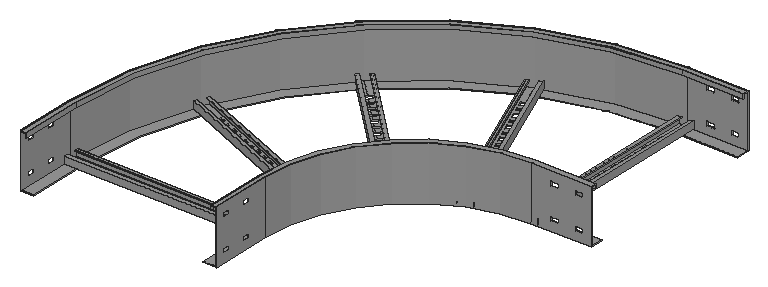
Revit family "LB 90 1140 VS FT Bogen 90", category Generic Models, Revit 2017
Family settings
  Can host rebar = No
  Round Connector Dimension = Use Diameter
  Part Type = Normal
  Work Plane-Based = No
  Always vertical = Yes
  Cut with Voids When Loaded = No
  Shared = No
  Room Calculation Point = No
Parameters (values of type "LB 90 1140 R5 FT")
  URL = "http://www.obo-bettermann.com"
  Material = Hot-dip galvanised
  Manufacturer Art.No. = "6217776"
  Manufacturer = "OBO BETTERMANN"
  GTIN = "4012196685233"
  Cut's number = 2
  Article Type = "LB 90 1140 R5 FT"
Reference planes
  plane 1 "Center (Front/Back)": y = 0
  plane 2: z = 0
  plane 3 "Center (Left/Right)": x = 0
  plane 4: y = 825
  plane 5: x = 825
  plane 6: x = 700
  plane 7: y = 125
  plane 8: z = 110
  plane 9: z = 1.5
  plane 10: z = 108.5
  plane 11: z = 101
  plane 12: y = 125
  plane 13: z = 16.5
  plane 14: y = 140
  plane 15: y = 110
  plane 16: x = 59
  plane 17: y = 132.772
  plane 18: y = 117.642
  plane 19: y = 125.043
  plane 20: x = 79
  plane 21: x = 99
  plane 22: x = 119
  plane 23: x = 139
  plane 24: x = 159
  plane 25: x = 179
  plane 26: x = 199.004
  plane 27: x = 219.008
  plane 28: x = 239.029
  plane 29: x = 259.05
  plane 30: x = 279.083
  plane 31: x = 299.115
  plane 32: x = 341
  plane 33: x = 319.148
  plane 34: y = 125
  plane 35: x = 700
  plane 36: x = 700
  plane 37: through (700, 125, 1200) normal (-0.3827, -0.9239, 0)
  plane 38: through (700, 125, 1200) normal (-0.7071, -0.7071, 0)
  plane 39: through (700, 125, 1200) normal (-0.9239, -0.3827, 0)
  plane 40: x = 700
  plane 41: z = 16.5
  plane 42: x = 685
  plane 43: x = 715
  plane 44: y = 766
  plane 45: x = 692.228
  plane 46: x = 707.358
  plane 47: x = 699.957
  plane 48: y = 746
  plane 49: y = 726
  plane 50: y = 706
  plane 51: y = 686
  plane 52: y = 666
  plane 53: y = 646
  plane 54: y = 625.996
  plane 55: y = 605.992
  plane 56: y = 585.971
  plane 57: y = 565.95
  plane 58: y = 545.917
  plane 59: y = 525.885
  plane 60: y = 484
  plane 61: y = 505.852
  plane 62: through (700, 125, 1200) normal (-0.1951, -0.9808, 0)
  plane 63: through (3995.663, -1240.108, 135.484) normal (0.3827, 0.9239, 0)
  plane 64: z = 16.5
  plane 65: through (3989.923, -1253.967, 59.182) normal (0.3827, 0.9239, 0)
  plane 66: through (4001.403, -1226.25, 59.182) normal (0.3827, 0.9239, 0)
  plane 67: through (90.856, 329.409, 1200) normal (-0.9239, 0.3827, 0)
  plane 68: through (97.115, 366.311, 1200) normal (0.3827, 0.9239, 0)
  plane 69: through (102.905, 380.29, 1200) normal (0.3827, 0.9239, 0)
  plane 70: through (88.601, 378.204, 1200) normal (0.3827, 0.9239, 0)
  plane 71: through (114.873, 335.13, 1200) normal (-0.9239, 0.3827, 0)
  plane 72: through (140.288, 344.225, 1200) normal (-0.9239, 0.3827, 0)
  plane 73: through (155.353, 328.331, 1200) normal (-0.9239, 0.3827, 0)
  plane 74: through (173.83, 320.677, 1200) normal (-0.9239, 0.3827, 0)
  plane 75: through (195.721, 321.264, 1200) normal (-0.9239, 0.3827, 0)
  plane 76: through (210.785, 305.37, 1200) normal (-0.9239, 0.3827, 0)
  plane 77: through (229.784, 298.963, 1200) normal (-0.9239, 0.3827, 0)
  plane 78: through (251.162, 298.3, 1200) normal (-0.9239, 0.3827, 0)
  plane 79: through (269.658, 290.638, 1200) normal (-0.9239, 0.3827, 0)
  plane 80: through (288.155, 282.976, 1200) normal (-0.9239, 0.3827, 0)
  plane 81: through (306.663, 275.31, 1200) normal (-0.9239, 0.3827, 0)
  plane 82: through (322.274, 260.652, 1200) normal (-0.9239, 0.3827, 0)
  plane 83: through (357.442, 233.49, 1200) normal (-0.9239, 0.3827, 0)
  plane 84: through (343.679, 259.978, 1200) normal (-0.9239, 0.3827, 0)
  plane 85: through (700, 125, 1200) normal (-0.5556, -0.8315, 0)
  plane 86: through (700, 125, 1200) normal (-0.9808, -0.1951, 0)
  plane 87: through (2065.108, -3170.663, 135.484) normal (0.9239, 0.3827, 0)
  plane 88: z = 16.5
  plane 89: through (2078.967, -3164.923, 59.182) normal (0.9239, 0.3827, 0)
  plane 90: through (2051.25, -3176.403, 59.182) normal (0.9239, 0.3827, 0)
  plane 91: through (495.591, 734.144, 1200) normal (0.3827, -0.9239, 0)
  plane 92: through (458.689, 727.885, 1200) normal (0.9239, 0.3827, 0)
  plane 93: through (444.71, 722.095, 1200) normal (0.9239, 0.3827, 0)
  plane 94: through (446.796, 736.399, 1200) normal (0.9239, 0.3827, 0)
  plane 95: through (489.87, 710.127, 1200) normal (0.3827, -0.9239, 0)
  plane 96: through (480.775, 684.712, 1200) normal (0.3827, -0.9239, 0)
  plane 97: through (496.669, 669.647, 1200) normal (0.3827, -0.9239, 0)
  plane 98: through (504.323, 651.17, 1200) normal (0.3827, -0.9239, 0)
  plane 99: through (503.736, 629.279, 1200) normal (0.3827, -0.9239, 0)
  plane 100: through (519.63, 614.215, 1200) normal (0.3827, -0.9239, 0)
  plane 101: through (526.037, 595.216, 1200) normal (0.3827, -0.9239, 0)
  plane 102: through (526.7, 573.838, 1200) normal (0.3827, -0.9239, 0)
  plane 103: through (534.362, 555.342, 1200) normal (0.3827, -0.9239, 0)
  plane 104: through (542.024, 536.845, 1200) normal (0.3827, -0.9239, 0)
  plane 105: through (549.69, 518.337, 1200) normal (0.3827, -0.9239, 0)
  plane 106: through (564.348, 502.726, 1200) normal (0.3827, -0.9239, 0)
  plane 107: through (591.354, 467.936, 1200) normal (0.3827, -0.9239, 0)
  plane 108: through (565.022, 481.321, 1200) normal (0.3827, -0.9239, 0)
  plane 109: through (3222.391, -2397.391, 135.484) normal (0.7071, 0.7071, 0)
  plane 110: z = 16.5
  plane 111: through (3232.998, -2386.785, 59.182) normal (0.7071, 0.7071, 0)
  plane 112: through (3211.785, -2407.998, 59.182) normal (0.7071, 0.7071, 0)
  plane 113: through (278.041, 609.552, 1200) normal (0.7071, -0.7071, 0)
  plane 114: through (246.344, 589.647, 1200) normal (0.7071, 0.7071, 0)
  plane 115: through (235.645, 578.949, 1200) normal (0.7071, 0.7071, 0)
  plane 116: through (232.098, 592.962, 1200) normal (0.7071, 0.7071, 0)
  plane 117: through (281.947, 585.174, 1200) normal (0.7071, -0.7071, 0)
  plane 118: through (283.27, 558.213, 1200) normal (0.7071, -0.7071, 0)
  plane 119: through (303.719, 550.377, 1200) normal (0.7071, -0.7071, 0)
  plane 120: through (317.861, 536.235, 1200) normal (0.7071, -0.7071, 0)
  plane 121: through (325.697, 515.786, 1200) normal (0.7071, -0.7071, 0)
  plane 122: through (346.146, 507.951, 1200) normal (0.7071, -0.7071, 0)
  plane 123: through (359.336, 492.851, 1200) normal (0.7071, -0.7071, 0)
  plane 124: through (368.129, 473.354, 1200) normal (0.7071, -0.7071, 0)
  plane 125: through (382.286, 459.197, 1200) normal (0.7071, -0.7071, 0)
  plane 126: through (396.443, 445.04, 1200) normal (0.7071, -0.7071, 0)
  plane 127: through (410.608, 430.875, 1200) normal (0.7071, -0.7071, 0)
  plane 128: through (430.125, 422.061, 1200) normal (0.7071, -0.7071, 0)
  plane 129: through (468.677, 399.966, 1200) normal (0.7071, -0.7071, 0)
  plane 130: through (438.938, 402.544, 1200) normal (0.7071, -0.7071, 0)
  plane 131: x = 400
  plane 132: y = 425
  plane 133: z = 82.295
  plane 134: z = 22.5
  plane 135: y = 25
  plane 136: z = 147.295
  plane 137: z = 87.5
  plane 138: y = 25
  plane 139: z = 82.295
  plane 140: z = 22.5
  plane 141: y = 75
  plane 142: z = 147.295
  plane 143: z = 87.5
  plane 144: y = 75
  plane 145: y = 25
  plane 146: z = 22.5
  plane 147: y = 25
  plane 148: z = 87.5
  plane 149: y = 75
  plane 150: z = 22.5
  plane 151: y = 75
  plane 152: z = 87.5
  plane 153: z = 22.5
  plane 154: x = 800
  plane 155: z = 87.5
  plane 156: x = 800
  plane 157: z = 22.5
  plane 158: x = 800
  plane 159: z = 22.5
  plane 160: x = 750
  plane 161: z = 87.5
  plane 162: x = 750
  plane 163: x = 800
  plane 164: z = 22.5
  plane 165: x = 800
  plane 166: z = 87.5
  plane 167: x = 750
  plane 168: z = 22.5
  plane 169: x = 750
  plane 170: z = 87.5
Forms (mm)
  Extrusion 1, solid, material "Hot-dip galvanised" <- "Material"
    sketch origin (0, 0, 0) x (1, 0, 0) y (0, 1, 0)
      loop
        line (0, 0) -> (1.5, 0) -> (1.5, 125)
        arc (1.5, 125) -> (206.086, 618.914) -> (700, 823.5) r 698.5
        line (700, 823.5) -> (825, 823.5) -> (825, 825) -> (700, 825)
        arc (700, 825) -> (205.025, 619.975) -> (0, 125) r 700
        line (0, 125) -> (0, 0)
    from 0 to 110
  Extrusion 2, solid, material "Hot-dip galvanised" <- "Material"
    sketch origin (0, 0, 0) x (1, 0, 0) y (0, 1, 0)
      loop
        line (825, 823.5) -> (700, 823.5)
        arc (700, 823.5) -> (206.086, 618.914) -> (1.5, 125) r 698.5
        line (1.5, 125) -> (1.5, 0) -> (27, 0) -> (27, 125)
        arc (27, 125) -> (224.117, 600.883) -> (700, 798) r 673
        line (700, 798) -> (825, 798) -> (825, 823.5)
    from 0 to 1.5
  Extrusion 3, solid, material "Hot-dip galvanised" <- "Material"
    sketch origin (0, 0, 0) x (1, 0, 0) y (0, 1, 0)
      loop
        line (1.5, 0) -> (12, 0) -> (12, 125)
        arc (12, 125) -> (213.511, 611.489) -> (700, 813) r 688
        line (700, 813) -> (825, 813) -> (825, 823.5) -> (700, 823.5)
        arc (700, 823.5) -> (206.086, 618.914) -> (1.5, 125) r 698.5
        line (1.5, 125) -> (1.5, 0)
    from 108.5 to 110
  Extrusion 4, solid, material "Hot-dip galvanised" <- "Material"
    sketch origin (0, 0, 0) x (1, 0, 0) y (0, 1, 0)
      loop
        line (12, 0) -> (13.5, 0) -> (13.5, 125)
        arc (13.5, 125) -> (214.571, 610.429) -> (700, 811.5) r 686.5
        line (700, 811.5) -> (825, 811.5) -> (825, 813) -> (700, 813)
        arc (700, 813) -> (213.511, 611.489) -> (12, 125) r 688
        line (12, 125) -> (12, 0)
    from 101 to 110
  Extrusion 5, solid, material "Hot-dip galvanised" <- "Material"
    sketch origin (0, 0, 0) x (0, 1, 0) y (0, 0, 1)
      loop
        line (125, 1.5) -> (140, 1.5) -> (140, 16.5) -> (133.518, 16.5) -> (133.518, 15) -> (138.5, 15) -> (138.5, 3) -> (125, 3) -> (111.5, 3) -> (111.5, 15) -> (116.543, 15) -> (116.543, 16.5) -> (110, 16.5) -> (110, 1.5) -> (125, 1.5)
    from 1.5 to 398.5
  Extrusion 6, void
    sketch origin (0, 0, 0) x (1, 0, 0) y (0, 1, 0)
      loop
        line (53.5, 133.293) -> (53.5, 116.793) -> (64.5, 116.793) -> (64.5, 133.293) -> (53.5, 133.293)
      loop
        line (75.5, 133.293) -> (75.5, 116.793) -> (82.5, 116.793) -> (82.5, 133.293) -> (75.5, 133.293)
      loop
        line (104.5, 133.293) -> (93.5, 133.293) -> (93.5, 116.793) -> (104.5, 116.793) -> (104.5, 133.293)
      loop
        line (122.5, 133.293) -> (115.5, 133.293) -> (115.5, 116.793) -> (122.5, 116.793) -> (122.5, 133.293)
      loop
        line (133.5, 133.293) -> (133.5, 116.793) -> (144.5, 116.793) -> (144.5, 133.293) -> (133.5, 133.293)
      loop
        line (155.5, 133.293) -> (155.5, 116.793) -> (162.5, 116.793) -> (162.5, 133.293) -> (155.5, 133.293)
      loop
        line (184.5, 133.293) -> (173.5, 133.293) -> (173.5, 116.793) -> (184.5, 116.793) -> (184.5, 133.293)
      loop
        line (202.5, 133.293) -> (195.5, 133.293) -> (195.5, 116.793) -> (202.5, 116.793) -> (202.5, 133.293)
      loop
        line (213.508, 133.293) -> (213.508, 116.793) -> (224.508, 116.793) -> (224.508, 133.293) -> (213.508, 133.293)
      loop
        line (235.517, 133.293) -> (235.517, 116.793) -> (242.517, 116.793) -> (242.517, 133.293) -> (235.517, 133.293)
      loop
        line (264.55, 133.293) -> (253.55, 133.293) -> (253.55, 116.793) -> (264.55, 116.793) -> (264.55, 133.293)
      loop
        line (282.583, 133.293) -> (275.583, 133.293) -> (275.583, 116.793) -> (282.583, 116.793) -> (282.583, 133.293)
      loop
        line (293.615, 133.293) -> (293.615, 116.793) -> (304.615, 116.793) -> (304.615, 133.293) -> (293.615, 133.293)
      loop
        line (315.648, 133.293) -> (315.648, 116.793) -> (322.648, 116.793) -> (322.648, 133.293) -> (315.648, 133.293)
      loop
        line (344.681, 133.293) -> (333.681, 133.293) -> (333.681, 116.793) -> (344.681, 116.793) -> (344.681, 133.293)
    from 0 to 3
  Extrusion 7, solid, material "Hot-dip galvanised" <- "Material"
    sketch origin (825, 825, 0) x (-1, 0, 0) y (0, 0, -1)
      loop
        line (125, -1.5) -> (110, -1.5) -> (110, -16.5) -> (116.543, -16.5) -> (116.543, -15) -> (111.5, -15) -> (111.5, -3) -> (125, -3) -> (138.5, -3) -> (138.5, -15) -> (133.518, -15) -> (133.518, -16.5) -> (140, -16.5) -> (140, -1.5) -> (125, -1.5)
    from 1.5 to 398.5
  Extrusion 8, void
    sketch origin (825, 825, 0) x (0, -1, 0) y (1, 0, 0)
      loop
        line (53.5, -133.293) -> (64.5, -133.293) -> (64.5, -116.793) -> (53.5, -116.793) -> (53.5, -133.293)
      loop
        line (75.5, -133.293) -> (82.5, -133.293) -> (82.5, -116.793) -> (75.5, -116.793) -> (75.5, -133.293)
      loop
        line (104.5, -133.293) -> (104.5, -116.793) -> (93.5, -116.793) -> (93.5, -133.293) -> (104.5, -133.293)
      loop
        line (122.5, -133.293) -> (122.5, -116.793) -> (115.5, -116.793) -> (115.5, -133.293) -> (122.5, -133.293)
      loop
        line (133.5, -133.293) -> (144.5, -133.293) -> (144.5, -116.793) -> (133.5, -116.793) -> (133.5, -133.293)
      loop
        line (155.5, -133.293) -> (162.5, -133.293) -> (162.5, -116.793) -> (155.5, -116.793) -> (155.5, -133.293)
      loop
        line (184.5, -133.293) -> (184.5, -116.793) -> (173.5, -116.793) -> (173.5, -133.293) -> (184.5, -133.293)
      loop
        line (202.5, -133.293) -> (202.5, -116.793) -> (195.5, -116.793) -> (195.5, -133.293) -> (202.5, -133.293)
      loop
        line (213.508, -133.293) -> (224.508, -133.293) -> (224.508, -116.793) -> (213.508, -116.793) -> (213.508, -133.293)
      loop
        line (235.517, -133.293) -> (242.517, -133.293) -> (242.517, -116.793) -> (235.517, -116.793) -> (235.517, -133.293)
      loop
        line (264.55, -133.293) -> (264.55, -116.793) -> (253.55, -116.793) -> (253.55, -133.293) -> (264.55, -133.293)
      loop
        line (282.583, -133.293) -> (282.583, -116.793) -> (275.583, -116.793) -> (275.583, -133.293) -> (282.583, -133.293)
      loop
        line (293.615, -133.293) -> (304.615, -133.293) -> (304.615, -116.793) -> (293.615, -116.793) -> (293.615, -133.293)
      loop
        line (315.648, -133.293) -> (322.648, -133.293) -> (322.648, -116.793) -> (315.648, -116.793) -> (315.648, -133.293)
      loop
        line (344.681, -133.293) -> (344.681, -116.793) -> (333.681, -116.793) -> (333.681, -133.293) -> (344.681, -133.293)
    from 0 to 3
  Extrusion 9, solid, material "Hot-dip galvanised" <- "Material"
    sketch origin (101.12, 508.363, 0) x (-0.382683, -0.92388, 0) y (0, 0, -1)
      loop
        line (125, -1.5) -> (110, -1.5) -> (110, -16.5) -> (116.543, -16.5) -> (116.543, -15) -> (111.5, -15) -> (111.5, -3) -> (125, -3) -> (138.5, -3) -> (138.5, -15) -> (133.518, -15) -> (133.518, -16.5) -> (140, -16.5) -> (140, -1.5) -> (125, -1.5)
    from 1.5 to 399.5
  Extrusion 10, void
    sketch origin (101.12, 508.363, 0) x (0.92388, -0.382683, 0) y (0.382683, 0.92388, 0)
      loop
        line (53.5, -133.293) -> (64.5, -133.293) -> (64.5, -116.793) -> (53.5, -116.793) -> (53.5, -133.293)
      loop
        line (75.5, -133.293) -> (82.5, -133.293) -> (82.5, -116.793) -> (75.5, -116.793) -> (75.5, -133.293)
      loop
        line (104.5, -133.293) -> (104.5, -116.793) -> (93.5, -116.793) -> (93.5, -133.293) -> (104.5, -133.293)
      loop
        line (122.5, -133.293) -> (122.5, -116.793) -> (115.5, -116.793) -> (115.5, -133.293) -> (122.5, -133.293)
      loop
        line (133.5, -133.293) -> (144.5, -133.293) -> (144.5, -116.793) -> (133.5, -116.793) -> (133.5, -133.293)
      loop
        line (155.5, -133.293) -> (162.5, -133.293) -> (162.5, -116.793) -> (155.5, -116.793) -> (155.5, -133.293)
      loop
        line (184.5, -133.293) -> (184.5, -116.793) -> (173.5, -116.793) -> (173.5, -133.293) -> (184.5, -133.293)
      loop
        line (202.5, -133.293) -> (202.5, -116.793) -> (195.5, -116.793) -> (195.5, -133.293) -> (202.5, -133.293)
      loop
        line (213.508, -133.293) -> (224.508, -133.293) -> (224.508, -116.793) -> (213.508, -116.793) -> (213.508, -133.293)
      loop
        line (235.517, -133.293) -> (242.517, -133.293) -> (242.517, -116.793) -> (235.517, -116.793) -> (235.517, -133.293)
      loop
        line (264.55, -133.293) -> (264.55, -116.793) -> (253.55, -116.793) -> (253.55, -133.293) -> (264.55, -133.293)
      loop
        line (282.583, -133.293) -> (282.583, -116.793) -> (275.583, -116.793) -> (275.583, -133.293) -> (282.583, -133.293)
      loop
        line (293.615, -133.293) -> (304.615, -133.293) -> (304.615, -116.793) -> (293.615, -116.793) -> (293.615, -133.293)
      loop
        line (315.648, -133.293) -> (322.648, -133.293) -> (322.648, -116.793) -> (315.648, -116.793) -> (315.648, -133.293)
      loop
        line (345.681, -133.293) -> (345.681, -116.793) -> (334.681, -116.793) -> (334.681, -133.293) -> (345.681, -133.293)
    from 0 to 3
  Extrusion 11, solid, material "Hot-dip galvanised" <- "Material"
    sketch origin (316.637, 723.88, 0) x (0.92388, 0.382683, 0) y (0, 0, 1)
      loop
        line (125, 1.5) -> (140, 1.5) -> (140, 16.5) -> (133.518, 16.5) -> (133.518, 15) -> (138.5, 15) -> (138.5, 3) -> (125, 3) -> (111.5, 3) -> (111.5, 15) -> (116.543, 15) -> (116.543, 16.5) -> (110, 16.5) -> (110, 1.5) -> (125, 1.5)
    from 1.5 to 399.091
  Extrusion 12, void
    sketch origin (316.637, 723.88, 0) x (0.382683, -0.92388, 0) y (0.92388, 0.382683, 0)
      loop
        line (53.5, 133.293) -> (53.5, 116.793) -> (64.5, 116.793) -> (64.5, 133.293) -> (53.5, 133.293)
      loop
        line (75.5, 133.293) -> (75.5, 116.793) -> (82.5, 116.793) -> (82.5, 133.293) -> (75.5, 133.293)
      loop
        line (104.5, 133.293) -> (93.5, 133.293) -> (93.5, 116.793) -> (104.5, 116.793) -> (104.5, 133.293)
      loop
        line (122.5, 133.293) -> (115.5, 133.293) -> (115.5, 116.793) -> (122.5, 116.793) -> (122.5, 133.293)
      loop
        line (133.5, 133.293) -> (133.5, 116.793) -> (144.5, 116.793) -> (144.5, 133.293) -> (133.5, 133.293)
      loop
        line (155.5, 133.293) -> (155.5, 116.793) -> (162.5, 116.793) -> (162.5, 133.293) -> (155.5, 133.293)
      loop
        line (184.5, 133.293) -> (173.5, 133.293) -> (173.5, 116.793) -> (184.5, 116.793) -> (184.5, 133.293)
      loop
        line (202.5, 133.293) -> (195.5, 133.293) -> (195.5, 116.793) -> (202.5, 116.793) -> (202.5, 133.293)
      loop
        line (213.508, 133.293) -> (213.508, 116.793) -> (224.508, 116.793) -> (224.508, 133.293) -> (213.508, 133.293)
      loop
        line (235.517, 133.293) -> (235.517, 116.793) -> (242.517, 116.793) -> (242.517, 133.293) -> (235.517, 133.293)
      loop
        line (264.55, 133.293) -> (253.55, 133.293) -> (253.55, 116.793) -> (264.55, 116.793) -> (264.55, 133.293)
      loop
        line (282.583, 133.293) -> (275.583, 133.293) -> (275.583, 116.793) -> (282.583, 116.793) -> (282.583, 133.293)
      loop
        line (293.615, 133.293) -> (293.615, 116.793) -> (304.615, 116.793) -> (304.615, 133.293) -> (293.615, 133.293)
      loop
        line (315.648, 133.293) -> (315.648, 116.793) -> (322.648, 116.793) -> (322.648, 133.293) -> (315.648, 133.293)
      loop
        line (345.272, 133.293) -> (334.272, 133.293) -> (334.272, 116.793) -> (345.272, 116.793) -> (345.272, 133.293)
    from 0 to 3
  Extrusion 13, solid, material "Hot-dip galvanised" <- "Material"
    sketch origin (116.637, 531.586, 0) x (0.707107, 0.707107, 0) y (0, 0, 1)
      loop
        line (125, 1.5) -> (140, 1.5) -> (140, 16.5) -> (133.518, 16.5) -> (133.518, 15) -> (138.5, 15) -> (138.5, 3) -> (125, 3) -> (111.5, 3) -> (111.5, 15) -> (116.543, 15) -> (116.543, 16.5) -> (110, 16.5) -> (110, 1.5) -> (125, 1.5)
    from 1.5 to 399.5
  Extrusion 14, void
    sketch origin (116.637, 531.586, 0) x (0.707107, -0.707107, 0) y (0.707107, 0.707107, 0)
      loop
        line (53.5, 133.293) -> (53.5, 116.793) -> (64.5, 116.793) -> (64.5, 133.293) -> (53.5, 133.293)
      loop
        line (75.5, 133.293) -> (75.5, 116.793) -> (82.5, 116.793) -> (82.5, 133.293) -> (75.5, 133.293)
      loop
        line (104.5, 133.293) -> (93.5, 133.293) -> (93.5, 116.793) -> (104.5, 116.793) -> (104.5, 133.293)
      loop
        line (122.5, 133.293) -> (115.5, 133.293) -> (115.5, 116.793) -> (122.5, 116.793) -> (122.5, 133.293)
      loop
        line (133.5, 133.293) -> (133.5, 116.793) -> (144.5, 116.793) -> (144.5, 133.293) -> (133.5, 133.293)
      loop
        line (155.5, 133.293) -> (155.5, 116.793) -> (162.5, 116.793) -> (162.5, 133.293) -> (155.5, 133.293)
      loop
        line (184.5, 133.293) -> (173.5, 133.293) -> (173.5, 116.793) -> (184.5, 116.793) -> (184.5, 133.293)
      loop
        line (202.5, 133.293) -> (195.5, 133.293) -> (195.5, 116.793) -> (202.5, 116.793) -> (202.5, 133.293)
      loop
        line (213.508, 133.293) -> (213.508, 116.793) -> (224.508, 116.793) -> (224.508, 133.293) -> (213.508, 133.293)
      loop
        line (235.517, 133.293) -> (235.517, 116.793) -> (242.517, 116.793) -> (242.517, 133.293) -> (235.517, 133.293)
      loop
        line (264.55, 133.293) -> (253.55, 133.293) -> (253.55, 116.793) -> (264.55, 116.793) -> (264.55, 133.293)
      loop
        line (282.583, 133.293) -> (275.583, 133.293) -> (275.583, 116.793) -> (282.583, 116.793) -> (282.583, 133.293)
      loop
        line (293.615, 133.293) -> (293.615, 116.793) -> (304.615, 116.793) -> (304.615, 133.293) -> (293.615, 133.293)
      loop
        line (315.648, 133.293) -> (315.648, 116.793) -> (322.648, 116.793) -> (322.648, 133.293) -> (315.648, 133.293)
      loop
        line (345.681, 133.293) -> (334.681, 133.293) -> (334.681, 116.793) -> (345.681, 116.793) -> (345.681, 133.293)
    from 0 to 3
  Extrusion 15, solid, material "Hot-dip galvanised" <- "Material"
    sketch origin (0, 0, 0) x (1, 0, 0) y (0, 1, 0)
      loop
        line (400, 0) -> (400, 122.807)
        arc (400, 122.807) -> (488.51, 336.49) -> (702.193, 425) r 302.193
        line (702.193, 425) -> (825, 425) -> (825, 426.5) -> (702.193, 426.5)
        arc (702.193, 426.5) -> (487.45, 337.55) -> (398.5, 122.807) r 303.693
        line (398.5, 122.807) -> (398.5, 0) -> (400, 0)
    from 0 to 110
  Extrusion 16, solid, material "Hot-dip galvanised" <- "Material"
    sketch origin (0, 0, 0) x (1, 0, 0) y (0, 1, 0)
      loop
        line (825, 426.5) -> (825, 452) -> (700, 452)
        arc (700, 452) -> (468.776, 356.224) -> (373, 125) r 327
        line (373, 125) -> (373, 0) -> (398.5, 0) -> (398.5, 125)
        arc (398.5, 125) -> (486.807, 338.193) -> (700, 426.5) r 301.5
        line (700, 426.5) -> (825, 426.5)
    from 0 to 1.5
  Extrusion 17, solid, material "Hot-dip galvanised" <- "Material"
    sketch origin (0, 0, 0) x (1, 0, 0) y (0, 1, 0)
      loop
        line (825, 426.5) -> (825, 437) -> (700, 437)
        arc (700, 437) -> (479.383, 345.617) -> (388, 125) r 312
        line (388, 125) -> (388, 0) -> (398.5, 0) -> (398.5, 125)
        arc (398.5, 125) -> (486.807, 338.193) -> (700, 426.5) r 301.5
        line (700, 426.5) -> (825, 426.5)
    from 108.5 to 110
  Extrusion 18, solid, material "Hot-dip galvanised" <- "Material"
    sketch origin (0, 0, 0) x (1, 0, 0) y (0, 1, 0)
      loop
        line (825, 437) -> (700, 437)
        arc (700, 437) -> (479.383, 345.617) -> (388, 125) r 312
        line (388, 125) -> (388, 0) -> (389.5, 0) -> (389.5, 125)
        arc (389.5, 125) -> (480.443, 344.557) -> (700, 435.5) r 310.5
        line (700, 435.5) -> (825, 435.5) -> (825, 437)
    from 101 to 108.5
  Extrusion 19, void
    sketch origin (0, 0, 0) x (0, 1, 0) y (0, 0, 1)
      loop
        line (17.5, 27) -> (17.5, 18) -> (32.5, 18) -> (32.5, 27) -> (17.5, 27)
    from 0 to 1.5
  Extrusion 20, void
    sketch origin (0, 0, 65) x (0, 1, 0) y (0, 0, 1)
      loop
        line (17.5, 27) -> (17.5, 18) -> (32.5, 18) -> (32.5, 27) -> (17.5, 27)
    from 0 to 1.5
  Extrusion 21, void
    sketch origin (0, 50, 0) x (0, 1, 0) y (0, 0, 1)
      loop
        line (17.5, 27) -> (17.5, 18) -> (32.5, 18) -> (32.5, 27) -> (17.5, 27)
    from 0 to 1.5
  Extrusion 22, void
    sketch origin (0, 50, 65) x (0, 1, 0) y (0, 0, 1)
      loop
        line (17.5, 27) -> (17.5, 18) -> (32.5, 18) -> (32.5, 27) -> (17.5, 27)
    from 0 to 1.5
  Extrusion 23, void
    sketch origin (0, 0, 0) x (0, 1, 0) y (0, 0, 1)
      loop
        line (17.5, 27.039) -> (17.5, 18.039) -> (32.5, 18.039) -> (32.5, 27.039) -> (17.5, 27.039)
    from 398.5 to 400
  Extrusion 24, void
    sketch origin (0, 0, 65) x (0, 1, 0) y (0, 0, 1)
      loop
        line (17.5, 27.039) -> (17.5, 18.039) -> (32.5, 18.039) -> (32.5, 27.039) -> (17.5, 27.039)
    from 398.5 to 400
  Extrusion 25, void
    sketch origin (0, 50, 0) x (0, 1, 0) y (0, 0, 1)
      loop
        line (17.5, 27.039) -> (17.5, 18.039) -> (32.5, 18.039) -> (32.5, 27.039) -> (17.5, 27.039)
    from 398.5 to 400
  Extrusion 26, void
    sketch origin (0, 50, 65) x (0, 1, 0) y (0, 0, 1)
      loop
        line (17.5, 27.039) -> (17.5, 18.039) -> (32.5, 18.039) -> (32.5, 27.039) -> (17.5, 27.039)
    from 398.5 to 400
  Extrusion 27, void
    sketch origin (0, 0, 0) x (1, 0, 0) y (0, 0, 1)
      loop
        line (792.5, 27) -> (792.5, 18) -> (807.5, 18) -> (807.5, 27) -> (792.5, 27)
    from -426.5 to -425
  Extrusion 28, void
    sketch origin (0, 0, 65) x (1, 0, 0) y (0, 0, 1)
      loop
        line (792.5, 27) -> (792.5, 18) -> (807.5, 18) -> (807.5, 27) -> (792.5, 27)
    from -426.5 to -425
  Extrusion 29, void, not visible
    sketch origin (0, 0, 0) x (1, 0, 0) y (0, 0, 1)
      loop
        line (792.5, 27) -> (792.5, 18) -> (807.5, 18) -> (807.5, 27) -> (792.5, 27)
    from -426.5 to -425
  Extrusion 30, void
    sketch origin (-50, 0, 0) x (1, 0, 0) y (0, 0, 1)
      loop
        line (792.5, 27) -> (792.5, 18) -> (807.5, 18) -> (807.5, 27) -> (792.5, 27)
    from -426.5 to -425
  Extrusion 31, void
    sketch origin (-50, 0, 65) x (1, 0, 0) y (0, 0, 1)
      loop
        line (792.5, 27) -> (792.5, 18) -> (807.5, 18) -> (807.5, 27) -> (792.5, 27)
    from -426.5 to -425
  Extrusion 32, void
    sketch origin (0, 0, 0) x (1, 0, 0) y (0, 0, 1)
      loop
        line (807.5, 27) -> (792.5, 27) -> (792.5, 18) -> (807.5, 18) -> (807.5, 27)
    from -825 to -823.5
  Extrusion 33, void
    sketch origin (0, 0, 65) x (1, 0, 0) y (0, 0, 1)
      loop
        line (807.5, 27) -> (792.5, 27) -> (792.5, 18) -> (807.5, 18) -> (807.5, 27)
    from -825 to -823.5
  Extrusion 34, void
    sketch origin (-50, 0, 0) x (1, 0, 0) y (0, 0, 1)
      loop
        line (807.5, 27) -> (792.5, 27) -> (792.5, 18) -> (807.5, 18) -> (807.5, 27)
    from -825 to -823.5
  Extrusion 35, void
    sketch origin (-50, 0, 65) x (1, 0, 0) y (0, 0, 1)
      loop
        line (807.5, 27) -> (792.5, 27) -> (792.5, 18) -> (807.5, 18) -> (807.5, 27)
    from -825 to -823.5
Cuts and joins
  Extrusion 6, Extrusion 8, Extrusion 10 cuts Extrusion 5
  Extrusion 8, Extrusion 12 cuts Extrusion 7
  Extrusion 10, Extrusion 14 cuts Extrusion 9
  Extrusion 12 cuts Extrusion 11
  Extrusion 14 cuts Extrusion 13
  Extrusion 19, Extrusion 20, Extrusion 21, Extrusion 22, Extrusion 32, Extrusion 33, Extrusion 34, Extrusion 35 cuts Extrusion 1
  Extrusion 23, Extrusion 24, Extrusion 25, Extrusion 26, Extrusion 27, Extrusion 28, Extrusion 30, Extrusion 31 cuts Extrusion 15
Dimensions and locks
  locked: plane 1 "Center (Front/Back)" to plane 4 at 825
  locked: plane 3 "Center (Left/Right)" to plane 5 at 825
  locked: Extrusion 1 sketch curve to Extrusion 1 sketch curve at 1.5  (x2)
  locked: Extrusion 1 sketch curve to Extrusion 1 sketch curve at 825  (x2)
  locked: plane 8 to Extrusion 1 at 110
  locked: Extrusion 1 to Extrusion 2 sketch curve at 825
  locked: Extrusion 1 to Extrusion 2 sketch curve at 823.5
  locked: Extrusion 2 sketch curve to Extrusion 1 at 25.5
  locked: Extrusion 1 to Extrusion 2 sketch curve at 25.5
  locked: Extrusion 1 to Extrusion 3 sketch curve at 10.5  (x2)
  locked: Extrusion 1 to Extrusion 2 at 823.5
  locked: Extrusion 2 to Extrusion 1 at 823.5
  locked: Extrusion 1 to Extrusion 3 at 12
  locked: Extrusion 4 sketch curve to Extrusion 3 at 1.5
  locked: Extrusion 3 to Extrusion 4 sketch curve at 1.5
  locked: Extrusion 3 to plane 11 at 9
  locked: Extrusion 4 to Extrusion 4 at 9
  plane 1 "Center (Front/Back)" to plane 12 = 125 mm
  locked: Extrusion 5 sketch curve to Extrusion 5 sketch curve at 15
  locked: Extrusion 5 sketch curve to Extrusion 5 sketch curve at 30
  locked: Extrusion 5 sketch curve to Extrusion 5 sketch curve at 16.975
  locked: Extrusion 5 sketch curve to Extrusion 5 sketch curve at 1.5  (x4)
  locked: Extrusion 3 to plane 16 at 57.5
  Extrusion 5 to Extrusion 5 = 16.975 mm  (x2)
  locked: plane 19 to Extrusion 5 at 8.5
  locked: Extrusion 6 sketch curve to plane 19 at 8.25
  Extrusion 6 sketch curve to plane 19 = 8.25 mm
  locked: plane 19 to Extrusion 6 sketch curve at 8.25
  locked: Extrusion 6 sketch curve to Extrusion 6 sketch curve at 11  (x8)
  locked: Extrusion 6 sketch curve to plane 16 at 5.5
  locked: plane 16 to plane 20 at 20
  locked: Extrusion 6 sketch curve to Extrusion 6 sketch curve at 7  (x7)
  locked: plane 20 to Extrusion 6 sketch curve at 3.5
  locked: Extrusion 6 sketch curve to plane 21 at 5.5
  locked: plane 20 to plane 21 at 20
  Extrusion 6 sketch curve to Extrusion 6 sketch curve = 7 mm
  locked: plane 22 to Extrusion 6 sketch curve at 3.5
  locked: plane 22 to plane 23 at 20
  locked: plane 23 to plane 24 at 20
  locked: plane 24 to plane 25 at 20
  locked: plane 25 to plane 26 at 20.004
  locked: plane 26 to plane 27 at 20.004
  locked: plane 27 to plane 28 at 20.021
  locked: plane 29 to plane 30 at 20.033
  locked: plane 32 to Extrusion 5 at 57.5
  locked: plane 35 to Extrusion 2 at 125
  locked: plane 1 "Center (Front/Back)" to plane 34 at 125
  locked: Extrusion 7 sketch curve to Extrusion 7 sketch curve at 15
  locked: Extrusion 7 sketch curve to Extrusion 7 sketch curve at 30
  locked: Extrusion 7 sketch curve to Extrusion 7 sketch curve at 16.975
  locked: Extrusion 7 sketch curve to Extrusion 7 sketch curve at 1.5  (x4)
  locked: plane 47 to Extrusion 7 at 8.5
  locked: Extrusion 8 sketch curve to plane 47 at 8.25
  Extrusion 8 sketch curve to plane 47 = 8.25 mm
  locked: plane 47 to Extrusion 8 sketch curve at 8.25
  locked: Extrusion 8 sketch curve to Extrusion 8 sketch curve at 11  (x8)
  locked: Extrusion 8 sketch curve to plane 44 at 5.5
  locked: plane 44 to plane 48 at 20
  locked: Extrusion 8 sketch curve to Extrusion 8 sketch curve at 7  (x7)
  locked: plane 48 to Extrusion 8 sketch curve at 3.5
  locked: Extrusion 8 sketch curve to plane 49 at 5.5
  locked: plane 48 to plane 49 at 20
  Extrusion 8 sketch curve to Extrusion 8 sketch curve = 7 mm
  locked: plane 50 to Extrusion 8 sketch curve at 3.5
  locked: plane 50 to plane 51 at 20
  locked: plane 51 to plane 52 at 20
  locked: plane 52 to plane 53 at 20
  locked: plane 53 to plane 54 at 20.004
  locked: plane 54 to plane 55 at 20.004
  locked: plane 55 to plane 56 at 20.021
  locked: plane 57 to plane 58 at 20.033
  locked: plane 60 to Extrusion 7 at 57.5
  locked: Extrusion 9 sketch curve to Extrusion 9 sketch curve at 15
  locked: Extrusion 9 sketch curve to Extrusion 9 sketch curve at 30
  locked: Extrusion 9 sketch curve to Extrusion 9 sketch curve at 16.975
  locked: Extrusion 9 sketch curve to Extrusion 9 sketch curve at 1.5  (x4)
  locked: plane 70 to Extrusion 9 at 8.5
  locked: Extrusion 10 sketch curve to plane 70 at 8.25
  Extrusion 10 sketch curve to plane 70 = 8.25 mm
  locked: plane 70 to Extrusion 10 sketch curve at 8.25
  locked: Extrusion 10 sketch curve to Extrusion 10 sketch curve at 11  (x8)
  locked: Extrusion 10 sketch curve to plane 67 at 5.5
  locked: plane 67 to plane 71 at 20
  locked: Extrusion 10 sketch curve to Extrusion 10 sketch curve at 7  (x7)
  locked: plane 71 to Extrusion 10 sketch curve at 3.5
  locked: Extrusion 10 sketch curve to plane 72 at 5.5
  locked: plane 71 to plane 72 at 20
  Extrusion 10 sketch curve to Extrusion 10 sketch curve = 7 mm
  locked: plane 73 to Extrusion 10 sketch curve at 3.5
  locked: plane 73 to plane 74 at 20
  locked: plane 74 to plane 75 at 20
  locked: plane 75 to plane 76 at 20
  locked: plane 76 to plane 77 at 20.004
  locked: plane 77 to plane 78 at 20.004
  locked: plane 78 to plane 79 at 20.021
  locked: plane 80 to plane 81 at 20.033
  locked: plane 83 to Extrusion 9 at 57.5
  locked: Extrusion 11 sketch curve to Extrusion 11 sketch curve at 15
  locked: Extrusion 11 sketch curve to Extrusion 11 sketch curve at 30
  locked: Extrusion 11 sketch curve to Extrusion 11 sketch curve at 16.975
  locked: Extrusion 11 sketch curve to Extrusion 11 sketch curve at 1.5  (x4)
  locked: plane 94 to Extrusion 11 at 8.5
  locked: Extrusion 12 sketch curve to plane 94 at 8.25
  Extrusion 12 sketch curve to plane 94 = 8.25 mm
  locked: plane 94 to Extrusion 12 sketch curve at 8.25
  locked: Extrusion 12 sketch curve to Extrusion 12 sketch curve at 11  (x8)
  locked: Extrusion 12 sketch curve to plane 91 at 5.5
  locked: plane 91 to plane 95 at 20
  locked: Extrusion 12 sketch curve to Extrusion 12 sketch curve at 7  (x7)
  locked: plane 95 to Extrusion 12 sketch curve at 3.5
  locked: Extrusion 12 sketch curve to plane 96 at 5.5
  locked: plane 95 to plane 96 at 20
  Extrusion 12 sketch curve to Extrusion 12 sketch curve = 7 mm
  locked: plane 97 to Extrusion 12 sketch curve at 3.5
  locked: plane 97 to plane 98 at 20
  locked: plane 98 to plane 99 at 20
  locked: plane 99 to plane 100 at 20
  locked: plane 100 to plane 101 at 20.004
  locked: plane 101 to plane 102 at 20.004
  locked: plane 102 to plane 103 at 20.021
  locked: plane 104 to plane 105 at 20.033
  locked: plane 107 to Extrusion 11 at 57.5
  locked: Extrusion 13 sketch curve to Extrusion 13 sketch curve at 15
  locked: Extrusion 13 sketch curve to Extrusion 13 sketch curve at 30
  locked: Extrusion 13 sketch curve to Extrusion 13 sketch curve at 16.975
  locked: Extrusion 13 sketch curve to Extrusion 13 sketch curve at 1.5  (x4)
  locked: plane 116 to Extrusion 13 at 8.5
  locked: Extrusion 14 sketch curve to plane 116 at 8.25
  Extrusion 14 sketch curve to plane 116 = 8.25 mm
  locked: plane 116 to Extrusion 14 sketch curve at 8.25
  locked: Extrusion 14 sketch curve to Extrusion 14 sketch curve at 11  (x8)
  locked: Extrusion 14 sketch curve to plane 113 at 5.5
  locked: plane 113 to plane 117 at 20
  locked: Extrusion 14 sketch curve to Extrusion 14 sketch curve at 7  (x7)
  locked: plane 117 to Extrusion 14 sketch curve at 3.5
  locked: Extrusion 14 sketch curve to plane 118 at 5.5
  locked: plane 117 to plane 118 at 20
  Extrusion 14 sketch curve to Extrusion 14 sketch curve = 7 mm
  locked: plane 119 to Extrusion 14 sketch curve at 3.5
  locked: plane 119 to plane 120 at 20
  locked: plane 120 to plane 121 at 20
  locked: plane 121 to plane 122 at 20
  locked: plane 122 to plane 123 at 20.004
  locked: plane 123 to plane 124 at 20.004
  locked: plane 124 to plane 125 at 20.021
  locked: plane 126 to plane 127 at 20.033
  locked: plane 129 to Extrusion 13 at 57.5
  locked: Extrusion 1 to plane 132 at 400
  locked: Extrusion 1 to plane 131 at 400
  locked: Extrusion 16 sketch curve to Extrusion 15 at 25.5  (x2)
  locked: Extrusion 16 sketch curve to Extrusion 16 sketch curve at 452  (x2)
  locked: Extrusion 17 sketch curve to Extrusion 15 at 10.5  (x2)
  locked: Extrusion 19 sketch curve to Extrusion 19 sketch curve at 15
  locked: plane 135 to Extrusion 19 sketch curve at 7.5
  locked: Extrusion 19 sketch curve to Extrusion 19 sketch curve at 9
  locked: plane 134 to Extrusion 19 sketch curve at 4.5
  locked: Extrusion 20 sketch curve to Extrusion 20 sketch curve at 15
  locked: plane 138 to Extrusion 20 sketch curve at 7.5
  locked: Extrusion 20 sketch curve to Extrusion 20 sketch curve at 9
  locked: plane 137 to Extrusion 20 sketch curve at 4.5
  group 1 to group 2 = 0 mm  (x2)
  group 1 to group 2 = 65 mm
  locked: Extrusion 21 sketch curve to Extrusion 21 sketch curve at 15
  locked: plane 141 to Extrusion 21 sketch curve at 7.5
  locked: Extrusion 21 sketch curve to Extrusion 21 sketch curve at 9
  locked: plane 140 to Extrusion 21 sketch curve at 4.5
  group 1 to group 3 = 0 mm  (x2)
  group 1 to group 3 = 50 mm
  locked: Extrusion 22 sketch curve to Extrusion 22 sketch curve at 15
  locked: plane 144 to Extrusion 22 sketch curve at 7.5
  locked: Extrusion 22 sketch curve to Extrusion 22 sketch curve at 9
  locked: plane 143 to Extrusion 22 sketch curve at 4.5
  group 3 to group 4 = 0 mm  (x2)
  group 3 to group 4 = 65 mm
  locked: Extrusion 23 sketch curve to Extrusion 23 sketch curve at 9
  locked: plane 146 to Extrusion 23 sketch curve at 4.539
  locked: Extrusion 23 sketch curve to Extrusion 23 sketch curve at 15
  locked: plane 145 to Extrusion 23 sketch curve at 7.5
  locked: Extrusion 24 sketch curve to Extrusion 24 sketch curve at 9
  locked: plane 148 to Extrusion 24 sketch curve at 4.539
  locked: Extrusion 24 sketch curve to Extrusion 24 sketch curve at 15
  locked: plane 147 to Extrusion 24 sketch curve at 7.5
  locked: Extrusion 25 sketch curve to Extrusion 25 sketch curve at 9
  locked: plane 150 to Extrusion 25 sketch curve at 4.539
  locked: Extrusion 25 sketch curve to Extrusion 25 sketch curve at 15
  locked: plane 149 to Extrusion 25 sketch curve at 7.5
  locked: Extrusion 26 sketch curve to Extrusion 26 sketch curve at 9
  locked: plane 152 to Extrusion 26 sketch curve at 4.539
  locked: Extrusion 26 sketch curve to Extrusion 26 sketch curve at 15
  locked: plane 151 to Extrusion 26 sketch curve at 7.5
  locked: Extrusion 27 sketch curve to Extrusion 27 sketch curve at 15
  locked: plane 154 to Extrusion 27 sketch curve at 7.5
  locked: Extrusion 27 sketch curve to Extrusion 27 sketch curve at 9
  locked: Extrusion 27 sketch curve to plane 153 at 4.5
  locked: Extrusion 28 sketch curve to Extrusion 28 sketch curve at 15
  locked: plane 156 to Extrusion 28 sketch curve at 7.5
  locked: Extrusion 28 sketch curve to Extrusion 28 sketch curve at 9
  locked: Extrusion 28 sketch curve to plane 155 at 4.5
  group 5 to group 6 = 0 mm  (x2)
  group 5 to group 6 = 65 mm
  locked: Extrusion 29 sketch curve to Extrusion 29 sketch curve at 15
  locked: plane 158 to Extrusion 29 sketch curve at 7.5
  locked: Extrusion 29 sketch curve to Extrusion 29 sketch curve at 9
  locked: Extrusion 29 sketch curve to plane 157 at 4.5
  locked: Extrusion 30 sketch curve to Extrusion 30 sketch curve at 15
  locked: plane 160 to Extrusion 30 sketch curve at 7.5
  locked: Extrusion 30 sketch curve to Extrusion 30 sketch curve at 9
  locked: Extrusion 30 sketch curve to plane 159 at 4.5
  locked: Extrusion 31 sketch curve to Extrusion 31 sketch curve at 15
  locked: plane 162 to Extrusion 31 sketch curve at 7.5
  locked: Extrusion 31 sketch curve to Extrusion 31 sketch curve at 9
  locked: Extrusion 31 sketch curve to plane 161 at 4.5
  group 8 to group 9 = 0 mm  (x2)
  group 8 to group 9 = 65 mm
  locked: Extrusion 32 sketch curve to Extrusion 32 sketch curve at 9
  locked: Extrusion 32 sketch curve to plane 164 at 4.5
  locked: Extrusion 32 sketch curve to Extrusion 32 sketch curve at 15
  locked: plane 163 to Extrusion 32 sketch curve at 7.5
  locked: Extrusion 33 sketch curve to Extrusion 33 sketch curve at 9
  locked: Extrusion 33 sketch curve to plane 166 at 4.5
  locked: Extrusion 33 sketch curve to Extrusion 33 sketch curve at 15
  locked: plane 165 to Extrusion 33 sketch curve at 7.5
  locked: Extrusion 34 sketch curve to Extrusion 34 sketch curve at 9
  locked: Extrusion 34 sketch curve to plane 168 at 4.5
  locked: Extrusion 34 sketch curve to Extrusion 34 sketch curve at 15
  locked: plane 167 to Extrusion 34 sketch curve at 7.5
  locked: Extrusion 35 sketch curve to Extrusion 35 sketch curve at 9
  locked: Extrusion 35 sketch curve to plane 170 at 4.5
  locked: Extrusion 35 sketch curve to Extrusion 35 sketch curve at 15
  locked: plane 169 to Extrusion 35 sketch curve at 7.5
  group 12 to group 11 = 50 mm
  group 11 to group 12 = 0 mm  (x2)
  locked: plane 37 to plane 34 (angle 22.50°)
  locked: plane 38 to plane 37 (angle 22.50°)
  locked: plane 39 to plane 38 (angle 22.50°)
  locked: plane 35 to plane 39 (angle 22.50°)
  locked: plane 62 to plane 34 (angle 11.25°)
  locked: plane 85 to plane 37 (angle 11.25°)
  locked: plane 36 to plane 86 (angle 11.25°)
  aligned and locked: level to plane 2
  aligned and locked: Extrusion 1 sketch curve to plane 5
  aligned and locked: Extrusion 1 sketch curve to plane 1 "Center (Front/Back)"
  aligned and locked: plane 1 "Center (Front/Back)" to Extrusion 1
  aligned and locked: plane 8 to Extrusion 1
  aligned and locked: Extrusion 2 to Extrusion 1  (x3)
  aligned and locked: plane 1 "Center (Front/Back)" to Extrusion 2
  aligned and locked: Extrusion 2 to plane 9
  aligned and locked: Extrusion 3 to Extrusion 1  (x2)
  aligned and locked: plane 1 "Center (Front/Back)" to Extrusion 3
  aligned and locked: Extrusion 3 to plane 10
  aligned and locked: Extrusion 4 sketch curve to Extrusion 3
  aligned and locked: Extrusion 3 to Extrusion 4 sketch curve
  aligned and locked: Extrusion 4 to plane 11
  aligned and locked: Extrusion 4 to Extrusion 1
  aligned and locked: Extrusion 6 sketch curve to Extrusion 6 sketch curve  (x2)
  aligned and locked: Extrusion 6 to level
  aligned and locked: Extrusion 5 to Extrusion 6
  aligned and locked: plane 36 to plane 35
  aligned and locked: Extrusion 8 sketch curve to Extrusion 8 sketch curve  (x2)
  aligned and locked: Extrusion 8 to Extrusion 7
  aligned and locked: Extrusion 10 sketch curve to Extrusion 10 sketch curve  (x2)
  aligned and locked: Extrusion 10 to Extrusion 9
  aligned and locked: Extrusion 12 sketch curve to Extrusion 12 sketch curve  (x2)
  aligned and locked: Extrusion 11 to Extrusion 12
  aligned and locked: Extrusion 14 sketch curve to Extrusion 14 sketch curve  (x2)
  aligned and locked: Extrusion 13 to Extrusion 14
  aligned and locked: Extrusion 15 sketch curve to plane 1 "Center (Front/Back)"
  aligned and locked: plane 1 "Center (Front/Back)" to Extrusion 15
  aligned and locked: Extrusion 15 to Extrusion 1
  aligned and locked: Extrusion 15 to level
  aligned and locked: Extrusion 16 to Extrusion 2
  aligned and locked: plane 1 "Center (Front/Back)" to Extrusion 17 sketch curve
  aligned and locked: Extrusion 15 to Extrusion 17
  aligned and locked: plane 1 "Center (Front/Back)" to Extrusion 17
  aligned and locked: Extrusion 3 to Extrusion 17
  aligned and locked: Extrusion 18 sketch curve to Extrusion 17  (x2)
  aligned and locked: Extrusion 15 to Extrusion 18
  aligned and locked: plane 1 "Center (Front/Back)" to Extrusion 18
  aligned and locked: Extrusion 18 to Extrusion 17  (x2)
  aligned and locked: Extrusion 4 to Extrusion 18
  aligned and locked: Extrusion 18 to Extrusion 3
  aligned and locked: Extrusion 19 to plane 3 "Center (Left/Right)"
  aligned and locked: Extrusion 1 to Extrusion 19
  aligned and locked: Extrusion 15 to Extrusion 23
  aligned and locked: cut or joined group of Extrusion 5, Extrusion 6, Extrusion 8, Extrusion 10 to Extrusion 23
  aligned and locked: Extrusion 15 to Extrusion 27
  aligned and locked: Extrusion 27 to cut or joined group of Extrusion 7, Extrusion 8, Extrusion 12
  aligned and locked: Extrusion 1 to Extrusion 32  (x2)
Automatic sketch dimensions
  Extrusion 1 sketch curve to Extrusion 1 sketch curve = 0 mm  (x2)
  Extrusion 1 sketch curve to plane 6 = 0 mm
  Extrusion 2 sketch curve to Extrusion 2 sketch curve = 0 mm  (x2)
  Extrusion 2 sketch curve to plane 34 = 0 mm
  plane 3 "Center (Left/Right)" to Extrusion 2 sketch curve = 1.5 mm
  Extrusion 3 sketch curve to Extrusion 3 sketch curve = 0 mm  (x2)
  plane 1 "Center (Front/Back)" to Extrusion 3 sketch curve = 0 mm
  Extrusion 3 sketch curve to plane 34 = 0 mm
  plane 3 "Center (Left/Right)" to Extrusion 3 sketch curve = 1.5 mm
  Extrusion 3 sketch curve to Extrusion 3 sketch curve = 125 mm
  Extrusion 4 sketch curve to Extrusion 4 sketch curve = 0 mm  (x2)
  Extrusion 4 sketch curve to plane 34 = 0 mm
  Extrusion 4 sketch curve to Extrusion 4 sketch curve = 1.5 mm
  Extrusion 5 sketch curve to plane 13 = 0 mm  (x2)
  Extrusion 5 sketch curve to plane 15 = 0 mm
  Extrusion 5 sketch curve to plane 12 = 0 mm  (x2)
  Extrusion 5 sketch curve to Extrusion 5 sketch curve = 5.043 mm
  plane 17 to Extrusion 6 sketch curve = 0.521 mm  (x13)
  Extrusion 6 sketch curve to plane 23 = 5.5 mm
  Extrusion 6 sketch curve to plane 24 = 3.5 mm
  Extrusion 6 sketch curve to plane 25 = 5.5 mm
  Extrusion 6 sketch curve to plane 18 = 0.849 mm  (x13)
  Extrusion 6 sketch curve to plane 26 = 3.504 mm
  Extrusion 6 sketch curve to plane 27 = 5.5 mm
  Extrusion 6 sketch curve to plane 28 = 3.512 mm
  Extrusion 6 sketch curve to plane 29 = 5.5 mm
  Extrusion 6 sketch curve to plane 30 = 3.5 mm
  Extrusion 6 sketch curve to plane 31 = 5.5 mm
  Extrusion 6 sketch curve to plane 33 = 3.5 mm
  Extrusion 6 sketch curve to plane 32 = 7.319 mm
  Extrusion 7 sketch curve to plane 41 = 0 mm  (x2)
  plane 43 to Extrusion 7 sketch curve = 0 mm
  Extrusion 7 sketch curve to plane 35 = 0 mm  (x2)
  Extrusion 7 sketch curve to Extrusion 7 sketch curve = 5.043 mm
  plane 9 to Extrusion 7 sketch curve = 1.5 mm
  Extrusion 8 sketch curve to plane 45 = 0.521 mm  (x13)
  plane 51 to Extrusion 8 sketch curve = 5.5 mm
  plane 52 to Extrusion 8 sketch curve = 3.5 mm
  plane 53 to Extrusion 8 sketch curve = 5.5 mm
  plane 46 to Extrusion 8 sketch curve = 0.849 mm  (x13)
  plane 54 to Extrusion 8 sketch curve = 3.504 mm
  plane 55 to Extrusion 8 sketch curve = 5.5 mm
  plane 56 to Extrusion 8 sketch curve = 3.512 mm
  plane 57 to Extrusion 8 sketch curve = 5.5 mm
  plane 58 to Extrusion 8 sketch curve = 3.5 mm
  plane 59 to Extrusion 8 sketch curve = 5.5 mm
  plane 61 to Extrusion 8 sketch curve = 3.5 mm
  plane 60 to Extrusion 8 sketch curve = 7.319 mm
  Extrusion 9 sketch curve to plane 64 = 0 mm  (x2)
  Extrusion 9 sketch curve to plane 66 = 0 mm
  Extrusion 9 sketch curve to plane 37 = 0 mm  (x2)
  Extrusion 9 sketch curve to Extrusion 9 sketch curve = 5.043 mm
  plane 9 to Extrusion 9 sketch curve = 1.5 mm
  Extrusion 10 sketch curve to plane 68 = 0.521 mm  (x13)
  plane 74 to Extrusion 10 sketch curve = 5.5 mm
  plane 75 to Extrusion 10 sketch curve = 3.5 mm
  plane 76 to Extrusion 10 sketch curve = 5.5 mm
  plane 69 to Extrusion 10 sketch curve = 0.849 mm  (x13)
  plane 77 to Extrusion 10 sketch curve = 3.504 mm
  plane 78 to Extrusion 10 sketch curve = 5.5 mm
  plane 79 to Extrusion 10 sketch curve = 3.512 mm
  plane 80 to Extrusion 10 sketch curve = 5.5 mm
  plane 81 to Extrusion 10 sketch curve = 3.5 mm
  plane 82 to Extrusion 10 sketch curve = 5.5 mm
  plane 84 to Extrusion 10 sketch curve = 3.5 mm
  plane 83 to Extrusion 10 sketch curve = 7.319 mm
  Extrusion 11 sketch curve to plane 88 = 0 mm  (x2)
  Extrusion 11 sketch curve to plane 90 = 0 mm
  Extrusion 11 sketch curve to plane 39 = 0 mm  (x2)
  Extrusion 11 sketch curve to Extrusion 11 sketch curve = 5.043 mm
  plane 9 to Extrusion 11 sketch curve = 1.5 mm
  plane 92 to Extrusion 12 sketch curve = 0.521 mm  (x13)
  Extrusion 12 sketch curve to plane 98 = 5.5 mm
  Extrusion 12 sketch curve to plane 99 = 3.5 mm
  Extrusion 12 sketch curve to plane 100 = 5.5 mm
  Extrusion 12 sketch curve to plane 93 = 0.849 mm  (x13)
  Extrusion 12 sketch curve to plane 101 = 3.504 mm
  Extrusion 12 sketch curve to plane 102 = 5.5 mm
  Extrusion 12 sketch curve to plane 103 = 3.512 mm
  Extrusion 12 sketch curve to plane 104 = 5.5 mm
  Extrusion 12 sketch curve to plane 105 = 3.5 mm
  Extrusion 12 sketch curve to plane 106 = 5.5 mm
  Extrusion 12 sketch curve to plane 108 = 3.5 mm
  Extrusion 12 sketch curve to plane 107 = 7.319 mm
  Extrusion 13 sketch curve to plane 110 = 0 mm  (x2)
  Extrusion 13 sketch curve to plane 112 = 0 mm
  Extrusion 13 sketch curve to plane 38 = 0 mm  (x2)
  Extrusion 13 sketch curve to Extrusion 13 sketch curve = 5.043 mm
  plane 9 to Extrusion 13 sketch curve = 1.5 mm
  plane 114 to Extrusion 14 sketch curve = 0.521 mm  (x13)
  Extrusion 14 sketch curve to plane 120 = 5.5 mm
  Extrusion 14 sketch curve to plane 121 = 3.5 mm
  Extrusion 14 sketch curve to plane 122 = 5.5 mm
  Extrusion 14 sketch curve to plane 115 = 0.849 mm  (x13)
  Extrusion 14 sketch curve to plane 123 = 3.504 mm
  Extrusion 14 sketch curve to plane 124 = 5.5 mm
  Extrusion 14 sketch curve to plane 125 = 3.512 mm
  Extrusion 14 sketch curve to plane 126 = 5.5 mm
  Extrusion 14 sketch curve to plane 127 = 3.5 mm
  Extrusion 14 sketch curve to plane 128 = 5.5 mm
  Extrusion 14 sketch curve to plane 130 = 3.5 mm
  Extrusion 14 sketch curve to plane 129 = 7.319 mm
  plane 9 to Extrusion 5 sketch curve = 1.5 mm
  Extrusion 15 sketch curve to Extrusion 15 sketch curve = 0 mm  (x2)
  Extrusion 15 sketch curve to plane 131 = 0 mm
  Extrusion 15 sketch curve to plane 132 = 0 mm
  Extrusion 15 sketch curve to Extrusion 15 sketch curve = 1.5 mm
  plane 35 to Extrusion 15 sketch curve = 2.193 mm
  Extrusion 15 sketch curve to Extrusion 15 sketch curve = 122.807 mm
  Extrusion 16 sketch curve to Extrusion 16 sketch curve = 0 mm  (x2)
  Extrusion 16 sketch curve to plane 35 = 0 mm
  Extrusion 16 sketch curve to Extrusion 16 sketch curve = 25.5 mm
  Extrusion 17 sketch curve to Extrusion 17 sketch curve = 0 mm  (x2)
  Extrusion 17 sketch curve to plane 35 = 0 mm
  Extrusion 17 sketch curve to Extrusion 17 sketch curve = 10.5 mm
  Extrusion 17 sketch curve to Extrusion 17 sketch curve = 125 mm
  Extrusion 18 sketch curve to Extrusion 18 sketch curve = 0 mm  (x2)
  Extrusion 18 sketch curve to plane 35 = 0 mm
  Extrusion 18 sketch curve to plane 35 = 310.5 mm
  Extrusion 18 sketch curve to Extrusion 18 sketch curve = 1.5 mm
  plane 34 to Extrusion 18 sketch curve = 0 mm
